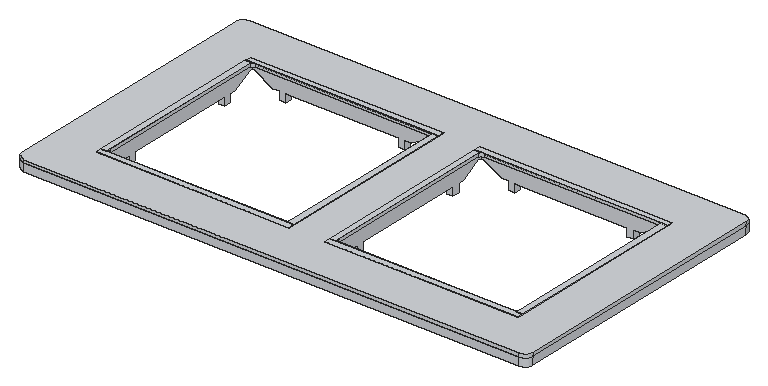
Revit family "Gira_0212225", category Electrical Fixtures, host Face, Revit 2017
Family settings
  Host = Face
  Maintain Annotation Orientation = No
  Round Connector Dimension = Use Diameter
  Part Type = Normal
  Cut with Voids When Loaded = No
  Shared = No
  Room Calculation Point = No
Parameters (values of type "Cov.fr. 2-g flat Gira E2 p.white m")
  With mounting grid = "No"
  With hinged lid = "No"
  URL = "http://katalog.gira.de/en/datenblatt.html?artikelnr=0212225"
  Type of fastening = "Clamp mounting"
  Transparent = "No"
  Surface protection = "Other"
  Surface finishing = "Matt"
  Suitable for wall duct = "No"
  Suitable for flush-mounted installation = "Yes"
  Suitable for floor box = "No"
  Suitable for built-in installation = "No"
  RAL-number (akin) = "9010"
  Number of units vertical = "2"
  Number of units horizontal = "2"
  Number of units = "2"
  Name = "Cov.fr. 2-g flat Gira E2 c.alum."
  Mounting direction = "Horizontal and vertical"
  Material quality = "Thermoplastic"
  Material = "Plastic"
  Manufacturer URL = "https://www.gira.de/"
  Manufacturer = "Gira"
  Label space/information surface = "No"
  Keynote = ""
  HeinzeBIM = "https://bimportal.heinze.de/bim/cov-fr-2-g-flat-gira-e2-c-alum-/f57590d5ea9ea23d14b149286f721556de40f322"
  Halogen free = "Yes"
  HAN = "0212255"
  GTIN = "4010337021339"
  Description = "Cov.fr.2g flat E2 PWm,Gira E2 cover frame for flat installation,pure white matt,2-gang,"
  Degree of protection (IP) = "IP20"
  Default Elevation = 1219.2 mm
  Data sheet (1) = "https://katalog.gira.de/en/download.html?artikelnr=0212255"
  Colour = "Aluminium"
  Category = "Cover frame for domestic switching devices"
  BIM (1) = "https://media.stage.bim.site/public/gira/36a6b08/E2flach_Rahmen_2fach.rfa"
  Available = "No"
Reference planes
  plane 1 "Center (Front/Back)": y = 0
  plane 2: z = 0
  plane 3 "Center (Left/Right)": x = 0
Forms (mm)
  Extrusion 1, solid, detail levels fine
    sketch origin (0, 0, 0) x (1, 0, 0) y (0, 1, 0)
      loop
        arc (-77, 43.9) -> (-78.768, 43.168) -> (-79.5, 41.4) r 2.5
        line (-79.5, 41.4) -> (-79.5, -41.4)
        arc (-79.5, -41.4) -> (-78.768, -43.168) -> (-77, -43.9) r 2.5
        line (-77, -43.9) -> (77, -43.9)
        arc (77, -43.9) -> (78.768, -43.168) -> (79.5, -41.4) r 2.5
        line (79.5, -41.4) -> (79.5, 41.4)
        arc (79.5, 41.4) -> (78.768, 43.168) -> (77, 43.9) r 2.5
        line (77, 43.9) -> (-77, 43.9)
      loop
        spline (-63.744, -27.245) -> (-63.736, -27.363) -> (-63.713, -27.478) -> (-63.675, -27.589) -> (-63.623, -27.695) -> (-63.558, -27.792) -> (-63.481, -27.881) -> (-63.392, -27.958) -> (-63.295, -28.023) -> (-63.189, -28.075) -> (-63.078, -28.113) -> (-62.963, -28.136) -> (-62.845, -28.144)
        line (-62.845, -28.144) -> (-8.355, -28.144)
        spline (-8.355, -28.144) -> (-8.237, -28.136) -> (-8.122, -28.113) -> (-8.011, -28.075) -> (-7.905, -28.023) -> (-7.808, -27.958) -> (-7.719, -27.881) -> (-7.642, -27.792) -> (-7.577, -27.695) -> (-7.525, -27.589) -> (-7.487, -27.478) -> (-7.464, -27.363) -> (-7.456, -27.245)
        line (-7.456, -27.245) -> (-7.456, 27.245)
        spline (-7.456, 27.245) -> (-7.464, 27.363) -> (-7.487, 27.478) -> (-7.525, 27.589) -> (-7.577, 27.695) -> (-7.642, 27.792) -> (-7.719, 27.881) -> (-7.808, 27.958) -> (-7.905, 28.023) -> (-8.011, 28.075) -> (-8.122, 28.113) -> (-8.237, 28.136) -> (-8.355, 28.144)
        line (-8.355, 28.144) -> (-62.845, 28.144)
        spline (-62.845, 28.144) -> (-62.963, 28.136) -> (-63.078, 28.113) -> (-63.189, 28.075) -> (-63.295, 28.023) -> (-63.392, 27.958) -> (-63.481, 27.881) -> (-63.558, 27.792) -> (-63.623, 27.695) -> (-63.675, 27.589) -> (-63.713, 27.478) -> (-63.736, 27.363) -> (-63.744, 27.245)
        line (-63.744, 27.245) -> (-63.744, -27.245)
      loop
        spline (62.845, -28.144) -> (62.963, -28.136) -> (63.078, -28.113) -> (63.189, -28.075) -> (63.295, -28.023) -> (63.392, -27.958) -> (63.481, -27.881) -> (63.558, -27.792) -> (63.623, -27.695) -> (63.675, -27.589) -> (63.713, -27.478) -> (63.736, -27.363) -> (63.744, -27.245)
        line (63.744, -27.245) -> (63.744, 27.245)
        spline (63.744, 27.245) -> (63.736, 27.363) -> (63.713, 27.478) -> (63.675, 27.589) -> (63.623, 27.695) -> (63.558, 27.792) -> (63.481, 27.881) -> (63.392, 27.958) -> (63.295, 28.023) -> (63.189, 28.075) -> (63.078, 28.113) -> (62.963, 28.136) -> (62.845, 28.144)
        line (62.845, 28.144) -> (8.355, 28.144)
        spline (8.355, 28.144) -> (8.237, 28.136) -> (8.122, 28.113) -> (8.011, 28.075) -> (7.905, 28.023) -> (7.808, 27.958) -> (7.719, 27.881) -> (7.642, 27.792) -> (7.577, 27.695) -> (7.525, 27.589) -> (7.487, 27.478) -> (7.464, 27.363) -> (7.456, 27.245)
        line (7.456, 27.245) -> (7.456, -27.245)
        spline (7.456, -27.245) -> (7.464, -27.363) -> (7.487, -27.478) -> (7.525, -27.589) -> (7.577, -27.695) -> (7.642, -27.792) -> (7.719, -27.881) -> (7.808, -27.958) -> (7.905, -28.023) -> (8.011, -28.075) -> (8.122, -28.113) -> (8.237, -28.136) -> (8.355, -28.144)
        line (8.355, -28.144) -> (62.845, -28.144)
    from 2.5 to 3.4
  Extrusion 2, solid, detail levels fine
    sketch origin (0, 0, 0) x (1, 0, 0) y (0, 1, 0)
      loop
        arc (-77, 43.9) -> (-78.768, 43.168) -> (-79.5, 41.4) r 2.5
        line (-79.5, 41.4) -> (-79.5, -41.4)
        arc (-79.5, -41.4) -> (-78.768, -43.168) -> (-77, -43.9) r 2.5
        line (-77, -43.9) -> (77, -43.9)
        arc (77, -43.9) -> (78.768, -43.168) -> (79.5, -41.4) r 2.5
        line (79.5, -41.4) -> (79.5, 41.4)
        arc (79.5, 41.4) -> (78.768, 43.168) -> (77, 43.9) r 2.5
        line (77, 43.9) -> (-77, 43.9)
      loop
        arc (-77, 43.4) -> (-78.414, 42.814) -> (-79, 41.4) r 2
        line (-79, 41.4) -> (-79, -41.4)
        arc (-79, -41.4) -> (-78.414, -42.814) -> (-77, -43.4) r 2
        line (-77, -43.4) -> (77, -43.4)
        arc (77, -43.4) -> (78.414, -42.814) -> (79, -41.4) r 2
        line (79, -41.4) -> (79, 41.4)
        arc (79, 41.4) -> (78.414, 42.814) -> (77, 43.4) r 2
        line (77, 43.4) -> (-77, 43.4)
    from 0 to 2.5
  Extrusion 3, solid, detail levels fine
    sketch origin (-35.6, 0, 0) x (1, 0, 0) y (0, 0, 1)
      loop
        line (-17.5, -4.06) -> (-17.5, -1.56) -> (17.5, -1.56) -> (17.5, -4.06) -> (19.5, -4.06) -> (19.5, -1.56) -> (21.654, -1.56) -> (27.214, 1.65) -> (30, 1.65) -> (30, 3.4) -> (-30, 3.4) -> (-30, 1.65) -> (-27.214, 1.65) -> (-21.654, -1.56) -> (-19.5, -1.56) -> (-19.5, -4.06) -> (-17.5, -4.06)
    from 28.144 to 30
  Extrusion 4, solid, detail levels fine
    sketch origin (-35.6, 0, 0) x (0, -1, 0) y (0, 0, -1)
      loop
        line (-17.5, 4.06) -> (-19.5, 4.06) -> (-19.5, 1.56) -> (-21.654, 1.56) -> (-27.214, -1.65) -> (-28.144, -1.65) -> (-28.144, -3.4) -> (28.144, -3.4) -> (28.144, -1.65) -> (27.214, -1.65) -> (21.654, 1.56) -> (19.5, 1.56) -> (19.5, 4.06) -> (17.5, 4.06) -> (17.5, 1.56) -> (-17.5, 1.56) -> (-17.5, 4.06)
    from 28.144 to 30
  Extrusion 5, solid, detail levels medium
    sketch origin (-35.6, 0, 0) x (0, -1, 0) y (0, 0, 1)
      loop
        line (-17.5, -4.06) -> (-17.5, -1.56) -> (17.5, -1.56) -> (17.5, -4.06) -> (19.5, -4.06) -> (19.5, -1.56) -> (28.144, -1.56) -> (28.144, 3.4) -> (-28.144, 3.4) -> (-28.144, -1.56) -> (-19.5, -1.56) -> (-19.5, -4.06) -> (-17.5, -4.06)
    from 28.144 to 30
  Extrusion 6, solid, detail levels fine
    sketch origin (-35.6, 0, 0) x (1, 0, 0) y (0, 0, -1)
      loop
        line (-17.5, 4.06) -> (-19.5, 4.06) -> (-19.5, 1.56) -> (-21.654, 1.56) -> (-27.214, -1.65) -> (-30, -1.65) -> (-30, -3.4) -> (30, -3.4) -> (30, -1.65) -> (27.214, -1.65) -> (21.654, 1.56) -> (19.5, 1.56) -> (19.5, 4.06) -> (17.5, 4.06) -> (17.5, 1.56) -> (-17.5, 1.56) -> (-17.5, 4.06)
    from 28.144 to 30
  Extrusion 7, solid, detail levels coarse
    sketch origin (0, 0, 0) x (1, 0, 0) y (0, 1, 0)
      loop
        line (-79.5, 43.9) -> (-79.5, -43.9) -> (79.5, -43.9) -> (79.5, 43.9) -> (-79.5, 43.9)
    from -4.06 to 3.4
  Extrusion 8, solid, detail levels medium
    sketch origin (0, 0, 0) x (1, 0, 0) y (0, 1, 0)
      loop
        line (-79.5, 43.9) -> (-79.5, -43.9) -> (79.5, -43.9) -> (79.5, 43.9) -> (-79.5, 43.9)
    from 0 to 3.4
  Extrusion 9, solid, detail levels medium
    sketch origin (-35.6, 0, 0) x (1, 0, 0) y (0, 0, 1)
      loop
        line (-17.5, -4.06) -> (-17.5, -1.56) -> (17.5, -1.56) -> (17.5, -4.06) -> (19.5, -4.06) -> (19.5, -1.56) -> (30, -1.56) -> (30, 3.4) -> (-30, 3.4) -> (-30, -1.56) -> (-19.5, -1.56) -> (-19.5, -4.06) -> (-17.5, -4.06)
    from 28.144 to 30
  Extrusion 10, solid, detail levels medium
    sketch origin (-35.6, 0, 0) x (1, 0, 0) y (0, 0, -1)
      loop
        line (-17.5, 4.06) -> (-19.5, 4.06) -> (-19.5, 1.56) -> (-30, 1.56) -> (-30, -3.4) -> (30, -3.4) -> (30, 1.56) -> (19.5, 1.56) -> (19.5, 4.06) -> (17.5, 4.06) -> (17.5, 1.56) -> (-17.5, 1.56) -> (-17.5, 4.06)
    from 28.144 to 30
  Extrusion 11, solid, detail levels medium
    sketch origin (-35.6, 0, 0) x (0, -1, 0) y (0, 0, -1)
      loop
        line (-17.5, 4.06) -> (-19.5, 4.06) -> (-19.5, 1.56) -> (-28.144, 1.56) -> (-28.144, -3.4) -> (28.144, -3.4) -> (28.144, 1.56) -> (19.5, 1.56) -> (19.5, 4.06) -> (17.5, 4.06) -> (17.5, 1.56) -> (-17.5, 1.56) -> (-17.5, 4.06)
    from 28.144 to 30
  Extrusion 12, solid, detail levels fine
    sketch origin (35.6, 0, 0) x (-1, 0, 0) y (0, 0, -1)
      loop
        line (-17.5, 4.06) -> (-19.5, 4.06) -> (-19.5, 1.56) -> (-21.654, 1.56) -> (-27.214, -1.65) -> (-30, -1.65) -> (-30, -3.4) -> (30, -3.4) -> (30, -1.65) -> (27.214, -1.65) -> (21.654, 1.56) -> (19.5, 1.56) -> (19.5, 4.06) -> (17.5, 4.06) -> (17.5, 1.56) -> (-17.5, 1.56) -> (-17.5, 4.06)
    from 28.144 to 30
  Extrusion 13, solid, detail levels fine
    sketch origin (35.6, 0, 0) x (0, -1, 0) y (0, 0, 1)
      loop
        line (-17.5, -4.06) -> (-17.5, -1.56) -> (17.5, -1.56) -> (17.5, -4.06) -> (19.5, -4.06) -> (19.5, -1.56) -> (21.654, -1.56) -> (27.214, 1.65) -> (28.144, 1.65) -> (28.144, 3.4) -> (-28.144, 3.4) -> (-28.144, 1.65) -> (-27.214, 1.65) -> (-21.654, -1.56) -> (-19.5, -1.56) -> (-19.5, -4.06) -> (-17.5, -4.06)
    from 28.144 to 30
  Extrusion 14, solid, detail levels medium
    sketch origin (35.6, 0, 0) x (0, -1, 0) y (0, 0, -1)
      loop
        line (-17.5, 4.06) -> (-19.5, 4.06) -> (-19.5, 1.56) -> (-28.144, 1.56) -> (-28.144, -3.4) -> (28.144, -3.4) -> (28.144, 1.56) -> (19.5, 1.56) -> (19.5, 4.06) -> (17.5, 4.06) -> (17.5, 1.56) -> (-17.5, 1.56) -> (-17.5, 4.06)
    from 28.144 to 30
  Extrusion 15, solid, detail levels fine
    sketch origin (35.6, 0, 0) x (-1, 0, 0) y (0, 0, 1)
      loop
        line (-17.5, -4.06) -> (-17.5, -1.56) -> (17.5, -1.56) -> (17.5, -4.06) -> (19.5, -4.06) -> (19.5, -1.56) -> (21.654, -1.56) -> (27.214, 1.65) -> (30, 1.65) -> (30, 3.4) -> (-30, 3.4) -> (-30, 1.65) -> (-27.214, 1.65) -> (-21.654, -1.56) -> (-19.5, -1.56) -> (-19.5, -4.06) -> (-17.5, -4.06)
    from 28.144 to 30
  Extrusion 16, solid, detail levels medium
    sketch origin (35.6, 0, 0) x (-1, 0, 0) y (0, 0, -1)
      loop
        line (-17.5, 4.06) -> (-19.5, 4.06) -> (-19.5, 1.56) -> (-30, 1.56) -> (-30, -3.4) -> (30, -3.4) -> (30, 1.56) -> (19.5, 1.56) -> (19.5, 4.06) -> (17.5, 4.06) -> (17.5, 1.56) -> (-17.5, 1.56) -> (-17.5, 4.06)
    from 28.144 to 30
  Extrusion 17, solid, detail levels medium
    sketch origin (35.6, 0, 0) x (-1, 0, 0) y (0, 0, 1)
      loop
        line (-17.5, -4.06) -> (-17.5, -1.56) -> (17.5, -1.56) -> (17.5, -4.06) -> (19.5, -4.06) -> (19.5, -1.56) -> (30, -1.56) -> (30, 3.4) -> (-30, 3.4) -> (-30, -1.56) -> (-19.5, -1.56) -> (-19.5, -4.06) -> (-17.5, -4.06)
    from 28.144 to 30
  Extrusion 18, solid, detail levels medium
    sketch origin (35.6, 0, 0) x (0, -1, 0) y (0, 0, 1)
      loop
        line (-17.5, -4.06) -> (-17.5, -1.56) -> (17.5, -1.56) -> (17.5, -4.06) -> (19.5, -4.06) -> (19.5, -1.56) -> (28.144, -1.56) -> (28.144, 3.4) -> (-28.144, 3.4) -> (-28.144, -1.56) -> (-19.5, -1.56) -> (-19.5, -4.06) -> (-17.5, -4.06)
    from 28.144 to 30
  Extrusion 19, solid, detail levels fine
    sketch origin (-93.744, 0, 0) x (0, -1, 0) y (0, 0, -1)
      loop
        line (-17.5, 4.06) -> (-19.5, 4.06) -> (-19.5, 1.56) -> (-21.654, 1.56) -> (-27.214, -1.65) -> (-28.144, -1.65) -> (-28.144, -3.4) -> (28.144, -3.4) -> (28.144, -1.65) -> (27.214, -1.65) -> (21.654, 1.56) -> (19.5, 1.56) -> (19.5, 4.06) -> (17.5, 4.06) -> (17.5, 1.56) -> (-17.5, 1.56) -> (-17.5, 4.06)
    from 28.144 to 30
  Extrusion 20, solid, detail levels fine
    sketch origin (93.744, 0, 0) x (0, -1, 0) y (0, 0, 1)
      loop
        line (-17.5, -4.06) -> (-17.5, -1.56) -> (17.5, -1.56) -> (17.5, -4.06) -> (19.5, -4.06) -> (19.5, -1.56) -> (21.654, -1.56) -> (27.214, 1.65) -> (28.144, 1.65) -> (28.144, 3.4) -> (-28.144, 3.4) -> (-28.144, 1.65) -> (-27.214, 1.65) -> (-21.654, -1.56) -> (-19.5, -1.56) -> (-19.5, -4.06) -> (-17.5, -4.06)
    from 28.144 to 30
Dimensions and locks
  aligned and locked: plane 2 to host face
  aligned and locked: level to host face
